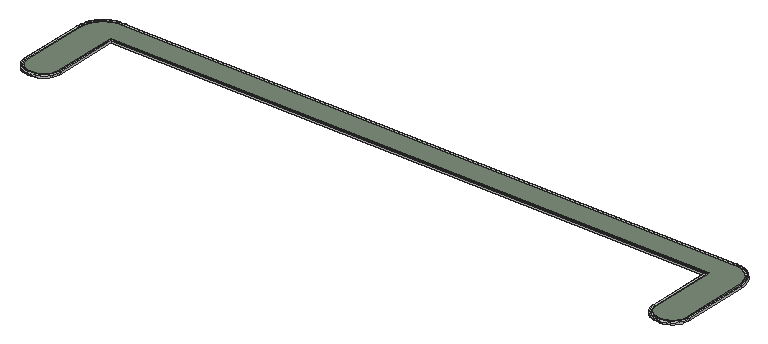
Revit family "8715f4621d3046678500cac10a305e60", category Site, Revit 2021
Family settings
  Round Connector Dimension = Use Diameter
  Part Type = Normal
  Seek Item ID = Parking Island-Single Sided-0000-USA-ENU
  Work Plane-Based = No
  Always vertical = No
  Cut with Voids When Loaded = No
  Shared = No
Parameters (values of type "15 Spaces")
  Parking Depth = 20' - 0"
  Parking Width [instance] = 150' - 0"
Types (3): name | Parking Width
  (no name) | 150' - 0"
  15 Spaces | 150' - 0"
  20 Spaces | 200' - 0"
Reference planes (in)
  plane 1: z = 0
  plane 2 "Center (Left/Right)": x = -77
  plane 3: x = -2065
  plane 4: y = -245
  plane 5: y = -5
  plane 6: x = -1971
  plane 7: x = -171
  plane 8: y = 67
  plane 9: x = -1965
  plane 10: x = -2071
  plane 11: y = 73
  plane 12: y = -11
  plane 13: x = -71
  plane 14: x = -177
  plane 15: y = -251
Forms (in)
  Sweep 1, solid, material "Concrete, Cast-in-Place gray"
    path origin (0, 0, 0) x (1, 0, 0) y (0, 1, 0)
      loop
        arc (-177, -203) -> (-162.94113, -236.94113) -> (-129, -251) r 48
        line (-129, -251) -> (-119, -251)
        arc (-119, -251) -> (-85.05887, -236.94113) -> (-71, -203) r 48
        line (-71, -203) -> (-71, -5)
        arc (-71, -5) -> (-93.84567, 50.15433) -> (-149, 73) r 78
        line (-149, 73) -> (-1993, 73)
        arc (-1993, 73) -> (-2048.15433, 50.15433) -> (-2071, -5) r 78
        line (-2071, -5) -> (-2071, -203)
        arc (-2071, -203) -> (-2056.94113, -236.94113) -> (-2023, -251) r 48
        line (-2023, -251) -> (-2013, -251)
        arc (-2013, -251) -> (-1979.05887, -236.94113) -> (-1965, -203) r 48
        line (-1965, -203) -> (-1965, -11) -> (-177, -11) -> (-177, -203)
    profile origin (0, -107, 0) x (-1, 0, 0) y (0, 0, 1)
      loop
        line (177, 0) -> (177, 5)
        arc (177, 5) -> (176.41421, 6.41421) -> (175, 7) r 2
        line (175, 7) -> (170, 7) -> (170, 0) -> (177, 0)
  Extrusion 2, solid, material "Grass"
    sketch origin (0, 0, 0) x (1, 0, 0) y (0, 1, 0)
      loop
        line (-77, -204) -> (-77, -5)
        arc (-77, -5) -> (-98.08831, 45.91169) -> (-149, 67) r 72
        line (-149, 67) -> (-1993, 67)
        arc (-1993, 67) -> (-2043.91169, 45.91169) -> (-2065, -5) r 72
        line (-2065, -5) -> (-2065, -204)
        arc (-2065, -204) -> (-2052.99138, -232.99138) -> (-2024, -245) r 41
        line (-2024, -245) -> (-2012, -245)
        arc (-2012, -245) -> (-1983.00862, -232.99138) -> (-1971, -204) r 41
        line (-1971, -204) -> (-1971, -5) -> (-171, -5) -> (-171, -204)
        arc (-171, -204) -> (-158.99138, -232.99138) -> (-130, -245) r 41
        line (-130, -245) -> (-118, -245)
        arc (-118, -245) -> (-89.00862, -232.99138) -> (-77, -204) r 41
    from 0 to 7
Lines and regions (in)
  symbolic lines, style "Parking Island"
    curve 1: line (-2065, -5, 0) -> (-2065, -204.00218, 0)
    curve 2: line (-1971, -204.00218, 0) -> (-1971, -5, 0)
    curve 3: line (-1971, -5, 0) -> (-171, -5, 0)
    curve 4: line (-149, 67, 0) -> (-1993, 67, 0)
    curve 5: line (-171, -5, 0) -> (-171, -204, 0)
    curve 6: arc (-171, -204, 0) -> (-158.99138, -232.99138, 0) -> (-130, -245, 0) r 41
    curve 7: line (-130, -245, 0) -> (-118, -245, 0)
    curve 8: arc (-118, -245, 0) -> (-89.00862, -232.99138, 0) -> (-77, -204, 0) r 41
    curve 9: line (-77, -204, 0) -> (-77, -5, 0)
    curve 10: line (-1971, -5, 0) -> (-1971, -204.00218, 0)
    curve 11: arc (-77, -5, 0) -> (-98.08831, 45.91169, 0) -> (-149, 67, 0) r 72
    curve 12: arc (-1993, 67, 0) -> (-2043.91169, 45.91169, 0) -> (-2065, -5, 0) r 72
    curve 13: arc (-1971, -204.00218, 0) -> (-1983.00862, -232.99356, 0) -> (-2012, -245.00218, 0) r 41
    curve 14: line (-2012, -245.00218, 0) -> (-2024, -245.00218, 0)
    curve 15: arc (-2024, -245.00218, 0) -> (-2052.99138, -232.99356, 0) -> (-2065, -204.00218, 0) r 41
Dimensions and locks (in)
  plane 3 to plane 6 = 7' - 10"
  plane 7 to plane 2 "Center (Left/Right)" = 7' - 10"
  "Parking Width": plane 6 to plane 7
  locked: plane 8 to plane 11 at 6
  locked: plane 5 to plane 12 at 6
  locked: plane 6 to plane 9 at 6
  locked: plane 10 to plane 3 at 6
  locked: plane 14 to plane 7 at 6
  locked: plane 2 "Center (Left/Right)" to plane 13 at 6
  locked: plane 4 to plane 15 at 6
  plane 5 to plane 8 = 6' - 0"
  "Parking Depth": plane 5 to plane 4
  aligned and locked: Extrusion 2 sketch curve to plane 8
  aligned and locked: plane 6 to Extrusion 2 sketch curve
  aligned and locked: Extrusion 2 sketch curve to plane 3
  aligned and locked: Extrusion 2 sketch curve to plane 2 "Center (Left/Right)"
  aligned and locked: plane 9 to Sweep 1 sketch curve
  aligned and locked: plane 10 to Sweep 1 sketch curve
  aligned and locked: Sweep 1 sketch curve to plane 11
  aligned and locked: plane 12 to Sweep 1 sketch curve
  aligned and locked: plane 15 to Sweep 1 sketch curve
  aligned and locked: Sweep 1 sketch curve to plane 14
  aligned and locked: curve 9 to plane 2 "Center (Left/Right)"
  aligned and locked: plane 4 to curve 7
  aligned and locked: plane 7 to curve 5
  aligned and locked: curve 4 to plane 8
  aligned and locked: plane 6 to curve 10
  aligned and locked: plane 3 to curve 1
  aligned and locked: Extrusion 2 sketch curve to curve 5
Automatic sketch dimensions
  Sweep 1 sketch curve to level = 0' - 0"
  Sweep 1 sketch curve to profile plane = 0' - 0"
  profile plane to Sweep 1 sketch curve = 0' - 2"
  Sweep 1 sketch curve to Sweep 1 sketch curve = 0' - 5"  (x2)
  Sweep 1 sketch curve to plane 5 = 0' - 0"
  Sweep 1 sketch curve to plane 15 = 0' - 0"
  Sweep 1 sketch curve to plane 13 = 0' - 0"
  Sweep 1 sketch curve to plane 3 = 3' - 6"
  Sweep 1 sketch curve to Sweep 1 sketch curve = 0' - 10"  (x2)
  Sweep 1 sketch curve to plane 2 "Center (Left/Right)" = 6' - 0"
  Sweep 1 sketch curve to plane 2 "Center (Left/Right)" = 4' - 4"
  Extrusion 2 sketch curve to plane 4 = 0' - 0"  (x2)
  Extrusion 2 sketch curve to plane 5 = 0' - 0"  (x3)
  Extrusion 2 sketch curve to plane 3 = 3' - 5"
  Extrusion 2 sketch curve to Extrusion 2 sketch curve = 1' - 0"  (x2)
  Extrusion 2 sketch curve to plane 2 "Center (Left/Right)" = 4' - 5"
  curve 12 to plane 5 = 0' - 0"
  curve 11 to plane 5 = 0' - 0"
  curve 10 to plane 5 = 0' - 0"
  curve 15 to curve 2 = 4' - 5"
  curve 7 to plane 2 "Center (Left/Right)" = 4' - 5"
  curve 6 to curve 8 = 1' - 0"
  curve 14 to plane 4 = 0' - 0.00218"
  curve 14 to curve 14 = 1' - 0"
